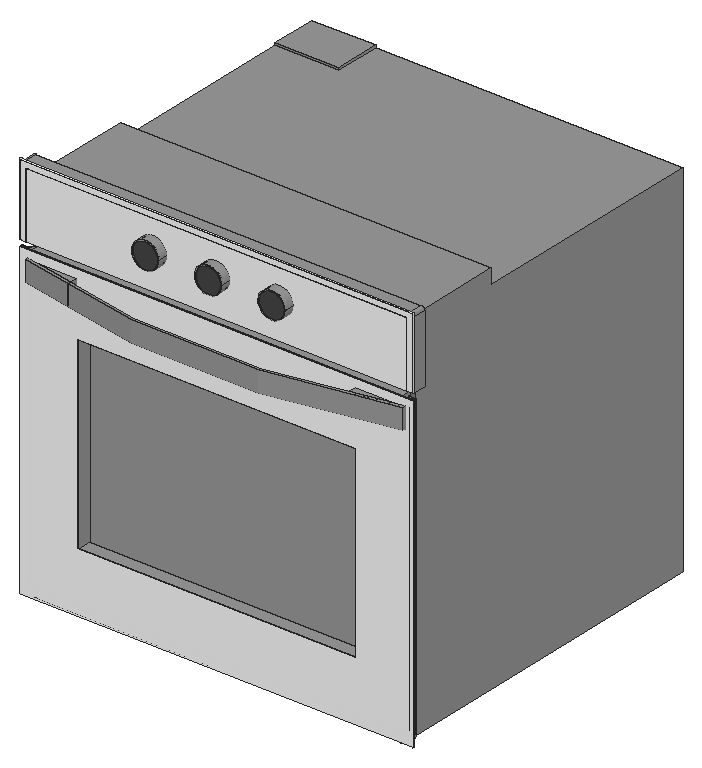
Revit family "HBB 510 B", category Specialty Equipment, Revit 2017
Family settings
  Round Connector Dimension = Use Diameter
  Part Type = Normal
  Work Plane-Based = No
  Always vertical = Yes
  Cut with Voids When Loaded = No
  Shared = No
  Room Calculation Point = No
Parameters (values of type "HBB 510 Blanco")
  URL = "www.teka.cl"
  Perilla Negro = Teka_Perilla Negro
  Perilla Aluminio = Teka_Acero Inox
  Panel Vidrio = Teka_Panel Vidrio Blanco
  Paneles = Teka_Panel Blanco
  Model = "HBB 510 WH"
  Manufacturer = "Teka"
  Letras Negras = Teka_Panel Negro
  Panel Menu = Teka_Panel Interior
  Logo Teka = Teka_Logo Blanco
  Letras = Teka_Logo Negro
  Interior Negro = Teka_Interior Negro
  Description = "Horno eléctrico estático empotrable para muebles de cocina"
  Ca_Web del Representante = "www.teka.cl"
  Ca_Web del Fabricante = "www.teka.com"
  Ca_Usos = "Horno eléctrico estático empotrable para muebles de cocina"
  Ca_Teléfono = "99821 1017"
  Ca_Representante = "Teka"
  Ca_Profundidad = 559.00 mm
  Ca_Producto = "Horno HBB 510 WH"
  Ca_Peso = "28 kg"
  Ca_País de Fabricación = "España"
  Ca_Medidas de embalaje = "650 x 635 x 655 mm"
  Ca_Material Principal = "Acero Esmaltado+Cristal Templado"
  Ca_Masterformat = "11 30 13.13"
  Ca_Itemizado CDT = "E 08 06 02"
  Ca_Instalación = "Empotrado"
  Ca_Fabricante = "Teka"
  Ca_Especificaciones Técnicas = "Horno eléctrico multifunción empotrable para muebles de cocina modelo HBB 510 WH"
  Ca_Código del Producto = "41560031"
  Ca_Código EAN = "8421152148921"
  Ca_Código Catálogo Arquitectura = "465_TEK_012"
  Ca_Creado por = "Catálogo Arquitectura"
  Ca_Contacto = "Khorzella@teka.cl"
  Ca_Clase de Eficiencia Energética = "A"
  Ca_Certificaciones = "Certificación SEC"
  Ca_Capacidad en Litros = 76
  Ca_Ancho = 595.00 mm
  Ca_Alto = 595.00 mm
  Ca_6_Parrilla reforzada de asados-cromada = 1
  Ca_6_Bandeja modular con tapa de cristal = no
  Ca_6_Bandeja de asados profunda 50mm = 1
  Ca_6_Bandeja Pastelera = no
  Ca_6_Asador rotativo = no
  Ca_6_Asa para extracción de bandejas = no
  Ca_5_Esmalte Hydroclean™ = yes
  Ca_5_Esmalte Crystal Clean = no
  Ca_5_Acero Inox Anti-huella = no
  Ca_4_Termostato de seguridad = yes
  Ca_4_Protector del grill = yes
  Ca_4_Desconexión automática en puerta = no
  Ca_4_Cristal Puerta = 2
  Ca_4_Bloqueo de seguridad del panel = no
  Ca_4_Anti-vuelco de parrillas = yes
  Ca_3_Ventilación Tangencial con optimización de salida = yes
  Ca_3_Sistema de guías extraibles = "-"
  Ca_3_Salida de vahos integrada = "Bóveda"
  Ca_3_Programador - Temporizador de Paro = yes
  Ca_3_N° de Funciones de cocinado = "3"
  Ca_3_Mandos Pop Up = no
  Ca_3_Guías laterales cromadas = yes
  Ca_3_Display Digital = no
  Ca_2_Turbo Multifunción = ""
  Ca_2_Resistencia superior + inferior = 2550 W
  Ca_2_Resistencia Turbo = 0 W
  Ca_2_Resistencia Inferior = 1150 W
  Ca_2_Resistencia Grill: Normal/Maxi-Grill = "1400/-"
  Ca_2_Motor Refrigeración = 18 W
  Ca_2_Iluminación Interior = "1 x 25W"
  Ca_1_Potencia nominal max. W. = "2593"
  Ca_1_Cable de conexión = 100.00 mm
  Borde Aluminio = Teka_Panel Blanco
  Acabado Horno = Teka_Acero Inox
Reference planes
  plane 1 "Centro (Frontal/Posterior)": y = 0
  plane 2: z = 0
  plane 3 "Centro (Izquierda/Derecha)": x = 0
Forms (mm)
  Extrusion 1, solid, material "Teka_Panel Blanco" <- "Borde Aluminio"
    sketch origin (0, 0, 0) x (1, 0, 0) y (0, 0, -1)
      loop
        line (-287, -584.5) -> (287, -584.5) -> (287, -485) -> (-287, -485) -> (-287, -584.5)
    from 0 to 1
  Sweep 2, solid, material "Teka_Panel Blanco" <- "Borde Aluminio"
    path origin (0, 0, 0) x (1, 0, 0) y (0, 0, -1)
      loop
        line (-297.5, -485) -> (-297.5, -595) -> (297.5, -595) -> (297.5, -485)
    profile origin (-297.5, 0, 540) x (1, 0, 0) y (0, 1, 0)
      loop
        arc (1.289, 2) -> (0.011, 0.722) -> (1.289, -0.556) r 1.278
        line (1.289, -0.556) -> (10, -0.556)
        arc (10, -0.556) -> (10.354, -0.41) -> (10.5, -0.056) r 0.5
        line (10.5, -0.056) -> (10.5, 1)
        arc (10.5, 1) -> (10.207, 1.707) -> (9.5, 2) r 1
        line (9.5, 2) -> (1.289, 2)
  Extrusion 3, solid, material "Teka_Panel Vidrio Blanco" <- "Panel Vidrio"
    sketch origin (917.721, 0, 4005.545) x (1, 0, 0) y (0, 0, -1)
      loop
        line (-1127.72, 3624.828) -> (-707.72, 3624.828) -> (-707.72, 3908) -> (-1127.72, 3908) -> (-1127.72, 3624.828)
    from 0 to 0.8
  Extrusion 4, solid, material "Teka_Panel Blanco" <- "Paneles"
    sketch origin (917.721, 0.8, 4005.545) x (1, 0, 0) y (0, 0, -1)
      loop
        arc (-621.72, 3529.328) -> (-620.659, 3529.768) -> (-620.22, 3530.828) r 1.5
        line (-620.22, 3530.828) -> (-620.22, 3998.5)
        arc (-620.22, 3998.5) -> (-620.659, 3999.561) -> (-621.72, 4000) r 1.5
        line (-621.72, 4000) -> (-1213.72, 4000)
        arc (-1213.72, 4000) -> (-1214.78, 3999.561) -> (-1215.22, 3998.5) r 1.5
        line (-1215.22, 3998.5) -> (-1215.22, 3530.828)
        arc (-1215.22, 3530.828) -> (-1214.78, 3529.768) -> (-1213.72, 3529.328) r 1.5
        line (-1213.72, 3529.328) -> (-621.72, 3529.328)
      loop
        line (-707.72, 3624.828) -> (-707.72, 3908) -> (-1127.72, 3908) -> (-1127.72, 3624.828) -> (-707.72, 3624.828)
    from -0.8 to 0.8
  Extrusion 5, solid, material "Teka_Panel Interior" <- "Panel Menu"
    sketch origin (-917.718, 514, 4005.545) x (1, 0, 0) y (0, 0, -1)
      loop
        line (707.72, 3908) -> (707.72, 3624.828) -> (1127.72, 3624.828) -> (1127.72, 3908) -> (707.72, 3908)
    from -0.8 to -22
  Extrusion 6, void
    sketch origin (297.502, 22, 5.545) x (1, 0, 0) y (0, 0, -1)
      loop
        line (-87.5, -470.672) -> (-139.5, -470.672) -> (-139.5, -480.672) -> (-87.5, -480.672) -> (-87.5, -470.672)
      loop
        line (-507.5, -470.672) -> (-507.5, -480.672) -> (-455.5, -480.672) -> (-455.5, -470.672) -> (-507.5, -470.672)
      loop
        line (-298, -470.672) -> (-349.5, -470.672) -> (-349.5, -480.672) -> (-298, -480.672) -> (-298, -470.672)
      loop
        line (-297, -480.672) -> (-245.5, -480.672) -> (-245.5, -470.672) -> (-297, -470.672) -> (-297, -480.672)
      loop
        line (-244.5, -480.672) -> (-193, -480.672) -> (-193, -470.672) -> (-244.5, -470.672) -> (-244.5, -480.672)
      loop
        line (-192, -480.672) -> (-140.5, -480.672) -> (-140.5, -470.672) -> (-192, -470.672) -> (-192, -480.672)
      loop
        line (-350.5, -470.672) -> (-402, -470.672) -> (-402, -480.672) -> (-350.5, -480.672) -> (-350.5, -470.672)
      loop
        line (-403, -470.672) -> (-454.5, -470.672) -> (-454.5, -480.672) -> (-403, -480.672) -> (-403, -470.672)
    from 0 to 15
  Extrusion 7, solid, material "Teka_Acero Inox" <- "Acabado Horno"
    sketch origin (287.002, -1254.5, 869.953) x (0, 0, 1) y (0, 1, 0)
      loop
        line (-317.408, 1784) -> (-864.408, 1784) -> (-864.408, 1276.5) -> (-294.408, 1276.5) -> (-294.408, 1422.5) -> (-317.408, 1422.5) -> (-317.408, 1784)
    from 7 to 567
  Extrusion 8, solid, material "Teka_Perilla Negro" <- "Perilla Negro"
    sketch origin (917.953, 0, 4007.815) x (-1, 0, 0) y (0, 0, -1)
      loop
        circle (822.284, 3466.446) r 19.4
      loop
        circle (1013.389, 3466.446) r 19.4
      loop
        circle (917.953, 3466.446) r 19.4
    from 0 to 16
  Extrusion 9, solid, material "Teka_Acero Inox" <- "Perilla Aluminio"
    sketch origin (917.953, 0, 4004.328) x (-1, 0, 0) y (0, 0, -1)
      loop
        circle (822.284, 3462.96) r 20.7
      loop
        circle (822.284, 3462.96) r 19.4
      loop
        circle (917.953, 3462.96) r 20.7
      loop
        circle (917.953, 3462.96) r 19.4
      loop
        circle (1013.389, 3462.96) r 20.7
      loop
        circle (1013.389, 3462.96) r 19.4
    from 1 to 16
  Extrusion 10, solid, material "Teka_Acero Inox"
    sketch origin (-285.198, 1, 432.816) x (0, -1, 0) y (-1, 0, 0)
      loop
        line (1, -570.4) -> (6, -570.4)
        arc (6, -570.4) -> (46, -285.2) -> (6, 0) r 1036.738
        line (6, 0) -> (1, 0)
        arc (1, 0) -> (41, -285.2) -> (1, -570.4) r 1036.738
    from 0 to -31.9
  Extrusion 11, solid, material "Teka_Interior Negro" <- "Interior Negro"
    sketch origin (-285.198, 0, 432.816) x (0, -1, 0) y (-1, 0, 0)
      loop
        line (1, -495.2) -> (1, -566.882)
        arc (1, -566.882) -> (10.392, -531.197) -> (18.509, -495.2) r 1036.738
        line (18.509, -495.2) -> (1, -495.2)
      loop
        line (1, -75.2) -> (18.509, -75.2)
        arc (18.509, -75.2) -> (10.392, -39.203) -> (1, -3.518) r 1036.738
        line (1, -3.518) -> (1, -75.2)
    from -1 to -30.9
  Extrusion 12, solid, material "Teka_Acero Inox" <- "Acabado Horno"
    sketch origin (287.002, 529.5, 5.545) x (0, 0, 1) y (1, 0, 0)
      loop
        line (500, -394.5) -> (500, -179.5)
        arc (500, -179.5) -> (470.711, -108.789) -> (400, -79.5) r 100
        line (400, -79.5) -> (190, -79.5)
        arc (190, -79.5) -> (119.289, -108.789) -> (90, -179.5) r 100
        line (90, -179.5) -> (90, -394.5)
        arc (90, -394.5) -> (119.289, -465.211) -> (190, -494.5) r 100
        line (190, -494.5) -> (400, -494.5)
        arc (400, -494.5) -> (470.711, -465.211) -> (500, -394.5) r 100
    from 0 to 29.5
  Sweep 13, void
    path origin (287.002, 529.5, 5.545) x (0, 0, 1) y (1, 0, 0)
      loop
        arc (500, -179.5) -> (470.711, -108.789) -> (400, -79.5) r 100
        line (400, -79.5) -> (190, -79.5)
        arc (190, -79.5) -> (119.289, -108.789) -> (90, -179.5) r 100
        line (90, -179.5) -> (90, -394.5)
        arc (90, -394.5) -> (119.289, -465.211) -> (190, -494.5) r 100
        line (190, -494.5) -> (400, -494.5)
        arc (400, -494.5) -> (470.711, -465.211) -> (500, -394.5) r 100
        line (500, -394.5) -> (500, -179.5)
    profile origin (0.002, 529.5, 505.545) x (0, 0, 1) y (0, 1, 0)
      loop
        arc (-70, 29.5) -> (-31.893, 22.121) -> (0, 0) r 94.167
        line (0, 0) -> (0, 29.5) -> (-70, 29.5)
  Extrusion 14, solid, material "Teka_Interior Negro" <- "Interior Negro"
    sketch origin (917.721, 1.6, 4005.545) x (1, 0, 0) y (0, 0, -1)
      loop
        line (-707.72, 3624.828) -> (-707.72, 3908) -> (-1127.72, 3908) -> (-1127.72, 3624.828) -> (-707.72, 3624.828)
      loop
        line (-637.72, 3529.328) -> (-637.72, 3981)
        arc (-637.72, 3981) -> (-638.159, 3982.061) -> (-639.22, 3982.5) r 1.5
        line (-639.22, 3982.5) -> (-1196.22, 3982.5)
        arc (-1196.22, 3982.5) -> (-1197.28, 3982.061) -> (-1197.72, 3981) r 1.5
        line (-1197.72, 3981) -> (-1197.72, 3529.328) -> (-637.72, 3529.328)
    from 0 to 20.4
  Sweep 15, solid, material "Teka_Interior Negro" <- "Interior Negro"
    path origin (917.721, 22, 4005.545) x (1, 0, 0) y (0, 0, -1)
      loop
        line (-1197.72, 3529.328) -> (-1197.72, 3981)
        arc (-1197.72, 3981) -> (-1197.28, 3982.061) -> (-1196.22, 3982.5) r 1.5
        line (-1196.22, 3982.5) -> (-639.22, 3982.5)
        arc (-639.22, 3982.5) -> (-638.159, 3982.061) -> (-637.72, 3981) r 1.5
        line (-637.72, 3981) -> (-637.72, 3529.328)
    profile origin (280.002, 22, 250.38) x (1, 0, 0) y (0, 1, 0)
      loop
        line (0, 0) -> (6.265, -16.506)
        arc (6.265, -16.506) -> (7.366, -17.911) -> (9.07, -18.442) r 3
        line (9.07, -18.442) -> (17.1, -18.442)
        arc (17.1, -18.442) -> (17.5, -18.042) -> (17.1, -17.642) r 0.4
        line (17.1, -17.642) -> (9.07, -17.642)
        arc (9.07, -17.642) -> (7.821, -17.252) -> (7.013, -16.222) r 2.2
        line (7.013, -16.222) -> (0.856, 0) -> (0, 0)
  Extrusion 16, solid, material "Teka_Interior Negro" <- "Interior Negro"
    sketch origin (0, 0, 0) x (1, 0, 0) y (0, 0, -1)
      loop
        line (-295.7, -485) -> (-295.7, -588.2)
        arc (-295.7, -588.2) -> (-294.236, -591.736) -> (-290.7, -593.2) r 5
        line (-290.7, -593.2) -> (290.7, -593.2)
        arc (290.7, -593.2) -> (294.236, -591.736) -> (295.7, -588.2) r 5
        line (295.7, -588.2) -> (295.7, -485) -> (-295.7, -485)
    from 2.075 to 22
  Extrusion 17, solid, material "Teka_Acero Inox" <- "Acabado Horno"
    sketch origin (-287.002, 549, 552.545) x (0, -1, 0) y (1, 0, 0)
      loop
        line (19.5, 7) -> (89.5, 7) -> (89.5, 103) -> (19.5, 103) -> (19.5, 7)
    from 0 to 3
Cuts and joins
  Extrusion 6 cuts Extrusion 7
  Extrusion 6 cuts Extrusion 16
  Sweep 13 cuts Extrusion 12
Lines and regions (mm)
  Split face 1
    outline origin (917.953, -16, 4004.328) x (-1, 0, 0) y (0, 0, -1)
      loop
        circle (822.284, 3448.583) r 1.1
  Split face 2
    outline origin (917.953, -16, 4007.815) x (-1, 0, 0) y (0, 0, -1)
      loop
        circle (1013.389, 3452.069) r 1.1
  Split face 3
    outline origin (917.953, -16, 4007.815) x (-1, 0, 0) y (0, 0, -1)
      loop
        circle (916.364, 3452.069) r 1.1
  Split face 4
    outline origin (0, 0, 0) x (1, 0, 0) y (0, 0, -1)
      loop
        circle (-95.436, -573.696) r 3.7
  Split face 5
    outline origin (0, 0, 0) x (1, 0, 0) y (0, 0, -1)
      loop
        circle (-95.436, -573.696) r 3.3
  Split face 6
    outline origin (0, 0, 0) x (1, 0, 0) y (0, 0, -1)
      loop
        line (-95.036, -575.351) -> (-95.036, -572.042) -> (-95.836, -572.042) -> (-95.836, -575.351) -> (-95.036, -575.351)
  Split face 7
    outline origin (0, 0, 0) x (1, 0, 0) y (0, 0, -1)
      loop
        circle (-95.436, -564.8) r 1.1
  Split face 8
    outline origin (0, 0, 0) x (1, 0, 0) y (0, 0, -1)
      loop
        circle (-95.436, -564.8) r 0.9
  Split face 9
    outline origin (0, 0, 0) x (1, 0, 0) y (0, 0, -1)
      loop
        line (-91.816, -510.45) -> (-99.055, -510.45) -> (-99.055, -517.061) -> (-91.816, -517.061) -> (-91.816, -510.45)
  Split face 10
    outline origin (0, 0, 0) x (1, 0, 0) y (0, 0, -1)
      loop
        line (-98.655, -510.85) -> (-98.655, -516.661) -> (-92.216, -516.661) -> (-92.216, -510.85) -> (-98.655, -510.85)
  Split face 11
    outline origin (0, 0, 0) x (1, 0, 0) y (0, 0, -1)
      loop
        line (-97.734, -515.001) -> (-97.734, -516.301) -> (-96.968, -515.658) -> (-96.202, -516.301) -> (-95.436, -515.658) -> (-94.67, -516.301) -> (-93.904, -515.658) -> (-93.137, -516.301) -> (-93.137, -515.001) -> (-97.734, -515.001)
  Split face 12
    outline origin (0, 0, 0) x (1, 0, 0) y (0, 0, -1)
      loop
        line (-93.137, -515.909) -> (-93.904, -515.266) -> (-94.67, -515.909) -> (-95.436, -515.266) -> (-96.202, -515.909) -> (-96.968, -515.266) -> (-97.734, -515.909)
  Split face 13
    outline origin (0, 0, 0) x (1, 0, 0) y (0, 0, -1)
      loop
        line (-119.743, -538.063) -> (-126.983, -538.063) -> (-126.983, -544.674) -> (-119.743, -544.674) -> (-119.743, -538.063)
  Split face 14
    outline origin (0, 0, 0) x (1, 0, 0) y (0, 0, -1)
      loop
        line (-126.583, -544.274) -> (-120.143, -544.274) -> (-120.143, -538.463) -> (-126.583, -538.463) -> (-126.583, -544.274)
  Split face 15
    outline origin (0, 0, 0) x (1, 0, 0) y (0, 0, -1)
      loop
        line (-136.85, -544.674) -> (-129.61, -544.674) -> (-129.61, -538.063) -> (-136.85, -538.063) -> (-136.85, -544.674)
  Split face 16
    outline origin (0, 0, 0) x (1, 0, 0) y (0, 0, -1)
      loop
        line (-136.45, -544.274) -> (-130.01, -544.274) -> (-130.01, -538.463) -> (-136.45, -538.463) -> (-136.45, -544.274)
  Split face 17
    outline origin (0, 0, 0) x (1, 0, 0) y (0, 0, -1)
      loop
        line (-134.601, -541.447) -> (-133.23, -543.555) -> (-131.859, -541.447)
        arc (-131.859, -541.447) -> (-133.23, -539.053) -> (-134.601, -541.447) r 1.589
  Split face 18
    outline origin (0, 0, 0) x (1, 0, 0) y (0, 0, -1)
      loop
        arc (-132.2, -541.237) -> (-133.23, -539.453) -> (-134.26, -541.237) r 1.189
        line (-134.26, -541.237) -> (-133.23, -542.821) -> (-132.2, -541.237)
  Split face 19
    outline origin (0, 0, 0) x (1, 0, 0) y (0, 0, -1)
      loop
        line (-125.661, -539.731) -> (-121.065, -539.731) -> (-121.065, -538.531) -> (-125.661, -538.531) -> (-125.661, -539.731)
  Split face 20
    outline origin (0, 0, 0) x (1, 0, 0) y (0, 0, -1)
      loop
        line (-125.661, -539.331) -> (-121.065, -539.331)
      loop
        line (-125.661, -538.931) -> (-121.065, -538.931)
  Split face 21
    outline origin (0, 0, 0) x (1, 0, 0) y (0, 0, -1)
      loop
        line (-63.888, -538.063) -> (-71.128, -538.063) -> (-71.128, -544.674) -> (-63.888, -544.674) -> (-63.888, -538.063)
  Split face 22
    outline origin (0, 0, 0) x (1, 0, 0) y (0, 0, -1)
      loop
        line (-70.728, -538.463) -> (-70.728, -544.274) -> (-64.288, -544.274) -> (-64.288, -538.463) -> (-70.728, -538.463)
  Split face 23
    outline origin (0, 0, 0) x (1, 0, 0) y (0, 0, -1)
      loop
        line (-69.806, -539.731) -> (-65.21, -539.731) -> (-65.21, -538.531) -> (-69.806, -538.531) -> (-69.806, -539.731)
  Split face 24
    outline origin (0, 0, 0) x (1, 0, 0) y (0, 0, -1)
      loop
        line (-69.806, -539.331) -> (-65.21, -539.331)
      loop
        line (-69.806, -538.931) -> (-65.21, -538.931)
  Split face 25
    outline origin (0, 0, 0) x (1, 0, 0) y (0, 0, -1)
      loop
        line (-69.806, -542.614) -> (-69.806, -543.914) -> (-69.04, -543.271) -> (-68.274, -543.914) -> (-67.508, -543.271) -> (-66.742, -543.914) -> (-65.976, -543.271) -> (-65.21, -543.914) -> (-65.21, -542.614) -> (-69.806, -542.614)
  Split face 26
    outline origin (0, 0, 0) x (1, 0, 0) y (0, 0, -1)
      loop
        line (-65.21, -543.522) -> (-65.976, -542.879) -> (-66.742, -543.522) -> (-67.508, -542.879) -> (-68.274, -543.522) -> (-69.04, -542.879) -> (-69.806, -543.522)
  Split face 27
    outline origin (0, 0, 0) x (1, 0, 0) y (0, 0, -1)
      loop
        circle (0, -572.964) r 3.3
  Split face 28
    outline origin (0, 0, 0) x (1, 0, 0) y (0, 0, -1)
      loop
        circle (0, -572.964) r 3.7
  Split face 29
    outline origin (0, 0, 0) x (1, 0, 0) y (0, 0, -1)
      loop
        line (-1, -576.565) -> (-1, -578.464) -> (1, -578.464) -> (1, -576.565)
        arc (1, -576.565) -> (0, -576.728) -> (-1, -576.565) r 3.163
  Split face 30
    outline origin (0, 0, 0) x (1, 0, 0) y (0, 0, -1)
      loop
        line (1, -578.077) -> (-1, -578.077)
  Split face 31
    outline origin (0, 0, 0) x (1, 0, 0) y (0, 0, -1)
      loop
        line (-1, -577.798) -> (1, -577.798)
  Split face 32
    outline origin (0, 0, 0) x (1, 0, 0) y (0, 0, -1)
      loop
        line (-19.535, -559.293) -> (-19.535, -561.085)
        arc (-19.535, -561.085) -> (-18.985, -561.635) -> (-18.435, -561.085) r 0.55
        line (-18.435, -561.085) -> (-18.435, -564.115)
        arc (-18.435, -564.115) -> (-17.885, -564.665) -> (-17.335, -564.115) r 0.55
        line (-17.335, -564.115) -> (-17.335, -561.633)
        arc (-17.335, -561.633) -> (-16.785, -562.183) -> (-16.235, -561.633) r 0.55
        arc (-16.235, -561.633) -> (-15.685, -562.183) -> (-15.135, -561.633) r 0.55
        arc (-15.135, -561.633) -> (-14.585, -562.183) -> (-14.035, -561.633) r 0.55
        line (-14.035, -561.633) -> (-14.035, -559.545)
        arc (-14.035, -559.545) -> (-16.672, -556.948) -> (-19.535, -559.293) r 2.769
  Split face 33
    outline origin (0, 0, 0) x (1, 0, 0) y (0, 0, -1)
      loop
        circle (0, -564.8) r 1.1
  Split face 34
    outline origin (0, 0, 0) x (1, 0, 0) y (0, 0, -1)
      loop
        line (6.778, -565.712) -> (8.494, -565.168) -> (8.116, -563.976) -> (6.4, -564.521) -> (6.778, -565.712)
  Split face 35
    outline origin (0, 0, 0) x (1, 0, 0) y (0, 0, -1)
      loop
        line (7.353, -564.218) -> (7.731, -565.41)
      loop
        line (7.163, -564.279) -> (7.541, -565.47)
  Split face 36
    outline origin (0, 0, 0) x (1, 0, 0) y (0, 0, -1)
      loop
        line (11.535, -563.887) -> (13.106, -563.009) -> (12.496, -561.883) -> (10.925, -562.761) -> (11.535, -563.887)
  Split face 37
    outline origin (0, 0, 0) x (1, 0, 0) y (0, 0, -1)
      loop
        line (11.798, -562.273) -> (12.408, -563.399)
      loop
        line (11.623, -562.371) -> (12.233, -563.497)
  Split face 38
    outline origin (0, 0, 0) x (1, 0, 0) y (0, 0, -1)
      loop
        line (16.637, -562.02) -> (17.999, -560.844) -> (16.366, -558.951) -> (15.003, -560.127) -> (16.637, -562.02)
  Split face 39
    outline origin (0, 0, 0) x (1, 0, 0) y (0, 0, -1)
      loop
        line (17.242, -561.497) -> (15.609, -559.604)
      loop
        line (17.394, -561.366) -> (15.76, -559.474)
  Split face 40
    outline origin (0, 0, 0) x (1, 0, 0) y (0, 0, -1)
      loop
        line (19.459, -557.49) -> (20.557, -556.064) -> (19.567, -555.301) -> (18.469, -556.727) -> (19.459, -557.49)
  Split face 41
    outline origin (0, 0, 0) x (1, 0, 0) y (0, 0, -1)
      loop
        line (19.947, -556.856) -> (18.957, -556.093)
      loop
        line (20.069, -556.698) -> (19.079, -555.935)
  Split face 42
    outline origin (0, 0, 0) x (1, 0, 0) y (0, 0, -1)
      loop
        line (22.303, -553.248) -> (23.092, -551.63) -> (21.969, -551.082) -> (21.18, -552.7) -> (22.303, -553.248)
  Split face 43
    outline origin (0, 0, 0) x (1, 0, 0) y (0, 0, -1)
      loop
        line (22.654, -552.529) -> (21.53, -551.981)
      loop
        line (22.742, -552.349) -> (21.618, -551.801)
  Split face 44
    outline origin (0, 0, 0) x (1, 0, 0) y (0, 0, -1)
      loop
        line (25.447, -548.831) -> (25.895, -547.088) -> (23.473, -546.466) -> (23.026, -548.21) -> (25.447, -548.831)
  Split face 45
    outline origin (0, 0, 0) x (1, 0, 0) y (0, 0, -1)
      loop
        line (23.274, -547.241) -> (25.696, -547.863)
      loop
        line (23.225, -547.435) -> (25.646, -548.057)
  Split face 46
    outline origin (0, 0, 0) x (1, 0, 0) y (0, 0, -1)
      loop
        line (29.488, -550.08) -> (29.488, -547.48) -> (28.288, -547.48) -> (28.288, -550.08) -> (29.488, -550.08)
  Split face 47
    outline origin (0, 0, 0) x (1, 0, 0) y (0, 0, -1)
      loop
        line (28.288, -549.78) -> (29.188, -549.78) -> (29.188, -547.78) -> (28.288, -547.78)
  Split face 48
    outline origin (0, 0, 0) x (1, 0, 0) y (0, 0, -1)
      loop
        line (31.462, -549.48) -> (31.462, -548.08)
        arc (31.462, -548.08) -> (30.862, -547.48) -> (30.262, -548.08) r 0.6
        line (30.262, -548.08) -> (30.262, -549.48)
        arc (30.262, -549.48) -> (30.862, -550.08) -> (31.462, -549.48) r 0.6
  Split face 49
    outline origin (0, 0, 0) x (1, 0, 0) y (0, 0, -1)
      loop
        line (30.562, -548.08) -> (30.562, -549.48)
        arc (30.562, -549.48) -> (30.862, -549.78) -> (31.162, -549.48) r 0.3
        line (31.162, -549.48) -> (31.162, -548.08)
        arc (31.162, -548.08) -> (30.862, -547.78) -> (30.562, -548.08) r 0.3
  Split face 50
    outline origin (0, 0, 0) x (1, 0, 0) y (0, 0, -1)
      loop
        line (24.019, -541.642) -> (23.931, -543.44) -> (25.179, -543.501) -> (25.267, -541.703) -> (24.019, -541.642)
  Split face 51
    outline origin (0, 0, 0) x (1, 0, 0) y (0, 0, -1)
      loop
        line (25.219, -542.702) -> (23.97, -542.641)
      loop
        line (23.98, -542.441) -> (25.228, -542.502)
  Split face 52
    outline origin (0, 0, 0) x (1, 0, 0) y (0, 0, -1)
      loop
        line (28.288, -548.937) -> (29.188, -548.937)
      loop
        line (29.188, -548.638) -> (28.288, -548.638)
  Split face 53
    outline origin (0, 0, 0) x (1, 0, 0) y (0, 0, -1)
      loop
        line (17.706, -562.986) -> (17.706, -565.586) -> (18.906, -565.586) -> (18.906, -562.986) -> (17.706, -562.986)
  Split face 54
    outline origin (0, 0, 0) x (1, 0, 0) y (0, 0, -1)
      loop
        line (18.506, -562.986) -> (18.506, -564.786) -> (17.706, -564.786) -> (18.506, -565.586)
  Split face 55
    outline origin (0, 0, 0) x (1, 0, 0) y (0, 0, -1)
      loop
        line (21.159, -565.586) -> (21.159, -564.486) -> (21.159, -562.986) -> (19.959, -562.986) -> (19.959, -565.586) -> (21.159, -565.586)
  Split face 56
    outline origin (0, 0, 0) x (1, 0, 0) y (0, 0, -1)
      loop
        line (21.159, -564.486) -> (20.259, -564.486) -> (20.259, -565.286) -> (21.159, -565.286)
  Split face 57
    outline origin (0, 0, 0) x (1, 0, 0) y (0, 0, -1)
      loop
        line (19.959, -563.286) -> (20.859, -563.286) -> (20.859, -564.186) -> (19.959, -564.186)
  Split face 58
    outline origin (0, 0, 0) x (1, 0, 0) y (0, 0, -1)
      loop
        line (25.094, -538.394) -> (24.819, -536.616) -> (23.583, -536.807) -> (23.859, -538.586) -> (25.094, -538.394)
  Split face 59
    outline origin (0, 0, 0) x (1, 0, 0) y (0, 0, -1)
      loop
        line (23.736, -537.795) -> (24.972, -537.604)
      loop
        line (23.706, -537.597) -> (24.941, -537.406)
  Split face 60
    outline origin (0, 0, 0) x (1, 0, 0) y (0, 0, -1)
      loop
        line (25.155, -532.974) -> (24.528, -531.287) -> (22.184, -532.158) -> (22.812, -533.845) -> (25.155, -532.974)
  Split face 61
    outline origin (0, 0, 0) x (1, 0, 0) y (0, 0, -1)
      loop
        line (22.533, -533.095) -> (24.876, -532.224)
      loop
        line (22.463, -532.908) -> (24.806, -532.036)
  Split face 62
    outline origin (0, 0, 0) x (1, 0, 0) y (0, 0, -1)
      loop
        line (27.748, -529.393) -> (27.748, -531.993) -> (29.148, -531.993) -> (29.148, -529.393) -> (27.748, -529.393)
  Split face 63
    outline origin (0, 0, 0) x (1, 0, 0) y (0, 0, -1)
      loop
        line (28.848, -531.993) -> (28.848, -530.993) -> (28.048, -530.993) -> (28.048, -531.993)
  Split face 64
    outline origin (0, 0, 0) x (1, 0, 0) y (0, 0, -1)
      loop
        line (27.748, -530.693) -> (28.848, -530.693) -> (28.848, -529.393)
  Split face 65
    outline origin (0, 0, 0) x (1, 0, 0) y (0, 0, -1)
      loop
        line (30.971, -531.993) -> (30.971, -530.893) -> (30.971, -529.393) -> (29.771, -529.393) -> (29.771, -531.993) -> (30.971, -531.993)
  Split face 66
    outline origin (0, 0, 0) x (1, 0, 0) y (0, 0, -1)
      loop
        line (30.971, -530.893) -> (30.071, -530.893) -> (30.071, -531.693) -> (30.971, -531.693)
  Split face 67
    outline origin (0, 0, 0) x (1, 0, 0) y (0, 0, -1)
      loop
        line (29.771, -529.693) -> (30.671, -529.693) -> (30.671, -530.593) -> (29.771, -530.593)
  Split face 68
    outline origin (0, 0, 0) x (1, 0, 0) y (0, 0, -1)
      loop
        line (20.939, -527.223) -> (19.879, -527.885) -> (20.833, -529.412) -> (21.893, -528.749) -> (20.939, -527.223)
  Split face 69
    outline origin (0, 0, 0) x (1, 0, 0) y (0, 0, -1)
      loop
        line (20.303, -528.564) -> (21.363, -527.901)
      loop
        line (20.409, -528.733) -> (21.469, -528.071)
  Split face 70
    outline origin (0, 0, 0) x (1, 0, 0) y (0, 0, -1)
      loop
        line (18.909, -524.605) -> (17.667, -523.301) -> (16.762, -524.163) -> (18.003, -525.467) -> (18.909, -524.605)
  Split face 71
    outline origin (0, 0, 0) x (1, 0, 0) y (0, 0, -1)
      loop
        line (18.357, -524.026) -> (17.473, -524.91)
      loop
        line (18.219, -523.881) -> (17.335, -524.765)
  Split face 72
    outline origin (0, 0, 0) x (1, 0, 0) y (0, 0, -1)
      loop
        line (15.865, -520.119) -> (14.387, -519.091) -> (12.96, -521.144) -> (14.438, -522.172) -> (15.865, -520.119)
  Split face 73
    outline origin (0, 0, 0) x (1, 0, 0) y (0, 0, -1)
      loop
        line (13.617, -521.601) -> (15.044, -519.548)
      loop
        line (13.781, -521.715) -> (15.208, -519.662)
  Split face 74
    outline origin (0, 0, 0) x (1, 0, 0) y (0, 0, -1)
      loop
        line (17.313, -517.322) -> (17.313, -514.722) -> (15.913, -514.722) -> (15.913, -517.322) -> (17.313, -517.322)
  Split face 75
    outline origin (0, 0, 0) x (1, 0, 0) y (0, 0, -1)
      loop
        line (17.313, -516.222) -> (16.213, -516.222) -> (16.213, -517.022) -> (17.313, -517.022)
  Split face 76
    outline origin (0, 0, 0) x (1, 0, 0) y (0, 0, -1)
      loop
        line (17.013, -515.922) -> (17.013, -515.022) -> (16.213, -515.022) -> (16.213, -515.922) -> (17.013, -515.922)
  Split face 77
    outline origin (0, 0, 0) x (1, 0, 0) y (0, 0, -1)
      loop
        line (19.376, -516.722) -> (19.376, -515.322)
        arc (19.376, -515.322) -> (18.776, -514.722) -> (18.176, -515.322) r 0.6
        line (18.176, -515.322) -> (18.176, -516.722)
        arc (18.176, -516.722) -> (18.776, -517.322) -> (19.376, -516.722) r 0.6
  Split face 78
    outline origin (0, 0, 0) x (1, 0, 0) y (0, 0, -1)
      loop
        line (19.076, -516.722) -> (19.076, -515.322)
        arc (19.076, -515.322) -> (18.776, -515.022) -> (18.476, -515.322) r 0.3
        line (18.476, -515.322) -> (18.476, -516.722)
        arc (18.476, -516.722) -> (18.776, -517.022) -> (19.076, -516.722) r 0.3
  Split face 79
    outline origin (0, 0, 0) x (1, 0, 0) y (0, 0, -1)
      loop
        line (10.776, -518.512) -> (9.121, -517.802) -> (8.629, -518.951) -> (10.283, -519.66) -> (10.776, -518.512)
  Split face 80
    outline origin (0, 0, 0) x (1, 0, 0) y (0, 0, -1)
      loop
        line (9.548, -519.345) -> (10.04, -518.196)
      loop
        line (9.364, -519.267) -> (9.857, -518.118)
  Split face 81
    outline origin (0, 0, 0) x (1, 0, 0) y (0, 0, -1)
      loop
        line (5.96, -516.812) -> (4.196, -516.45) -> (3.945, -517.674) -> (5.708, -518.036) -> (5.96, -516.812)
  Split face 82
    outline origin (0, 0, 0) x (1, 0, 0) y (0, 0, -1)
      loop
        line (4.729, -517.835) -> (4.98, -516.611)
      loop
        line (4.925, -517.875) -> (5.176, -516.651)
  Split face 83
    outline origin (0, 0, 0) x (1, 0, 0) y (0, 0, -1)
      loop
        line (0.9, -514.865) -> (-0.9, -514.865) -> (-0.9, -517.365) -> (0.9, -517.365) -> (0.9, -514.865)
  Split face 84
    outline origin (0, 0, 0) x (1, 0, 0) y (0, 0, -1)
      loop
        line (0.1, -517.365) -> (0.1, -514.865)
      loop
        line (-0.1, -517.365) -> (-0.1, -514.865)
  Split face 85
    outline origin (0, 0, 0) x (1, 0, 0) y (0, 0, -1)
      loop
        line (-0.698, -513.238) -> (-0.598, -510.638) -> (-2.098, -510.638) -> (-2.098, -513.238) -> (-0.698, -513.238)
  Split face 86
    outline origin (0, 0, 0) x (1, 0, 0) y (0, 0, -1)
      loop
        line (-2.098, -512.938) -> (-1.098, -512.938) -> (-1.714, -510.638)
      loop
        line (-1.398, -510.638) -> (-0.698, -513.238)
  Split face 87
    outline origin (0, 0, 0) x (1, 0, 0) y (0, 0, -1)
      loop
        line (1.289, -513.238) -> (1.289, -512.138) -> (1.289, -510.638) -> (0.089, -510.638) -> (0.089, -513.238) -> (1.289, -513.238)
  Split face 88
    outline origin (0, 0, 0) x (1, 0, 0) y (0, 0, -1)
      loop
        line (1.289, -512.138) -> (0.389, -512.138) -> (0.389, -512.938) -> (1.289, -512.938)
  Split face 89
    outline origin (0, 0, 0) x (1, 0, 0) y (0, 0, -1)
      loop
        line (0.089, -510.938) -> (0.989, -510.938) -> (0.989, -511.838) -> (0.089, -511.838)
  Split face 90
    outline origin (0, 0, 0) x (1, 0, 0) y (0, 0, -1)
      loop
        line (-4.414, -516.48) -> (-6.175, -516.854) -> (-5.871, -518.077) -> (-4.11, -517.702) -> (-4.414, -516.48)
  Split face 91
    outline origin (0, 0, 0) x (1, 0, 0) y (0, 0, -1)
      loop
        line (-4.893, -517.869) -> (-5.197, -516.646)
      loop
        line (-5.088, -517.91) -> (-5.393, -516.688)
  Split face 92
    outline origin (0, 0, 0) x (1, 0, 0) y (0, 0, -1)
      loop
        line (-9.286, -517.867) -> (-10.935, -518.587) -> (-10.435, -519.733) -> (-8.785, -519.012) -> (-9.286, -517.867)
  Split face 93
    outline origin (0, 0, 0) x (1, 0, 0) y (0, 0, -1)
      loop
        line (-9.518, -519.332) -> (-10.019, -518.187)
      loop
        line (-9.701, -519.413) -> (-10.202, -518.267)
  Split face 94
    outline origin (0, 0, 0) x (1, 0, 0) y (0, 0, -1)
      loop
        line (-14.542, -519.192) -> (-16.013, -520.23) -> (-14.572, -522.273) -> (-13.101, -521.235) -> (-14.542, -519.192)
  Split face 95
    outline origin (0, 0, 0) x (1, 0, 0) y (0, 0, -1)
      loop
        line (-13.755, -521.696) -> (-15.196, -519.654)
      loop
        line (-13.918, -521.812) -> (-15.359, -519.769)
  Split face 96
    outline origin (0, 0, 0) x (1, 0, 0) y (0, 0, -1)
      loop
        line (-17.04, -517.322) -> (-17.04, -514.722) -> (-18.44, -514.722) -> (-18.44, -517.322) -> (-17.04, -517.322)
  Split face 97
    outline origin (0, 0, 0) x (1, 0, 0) y (0, 0, -1)
      loop
        line (-18.14, -517.022) -> (-17.34, -517.022) -> (-17.34, -516.122) -> (-18.14, -516.122) -> (-18.14, -517.022)
  Split face 98
    outline origin (0, 0, 0) x (1, 0, 0) y (0, 0, -1)
      loop
        line (-18.44, -515.822) -> (-17.34, -515.822) -> (-17.34, -515.022) -> (-18.44, -515.022)
  Split face 99
    outline origin (0, 0, 0) x (1, 0, 0) y (0, 0, -1)
      loop
        arc (-16.413, -516.722) -> (-15.813, -517.322) -> (-15.213, -516.722) r 0.6
        line (-15.213, -516.722) -> (-15.213, -515.322)
        arc (-15.213, -515.322) -> (-15.813, -514.722) -> (-16.413, -515.322) r 0.6
        line (-16.413, -515.322) -> (-16.413, -516.722)
  Split face 100
    outline origin (0, 0, 0) x (1, 0, 0) y (0, 0, -1)
      loop
        arc (-15.513, -515.322) -> (-15.813, -515.022) -> (-16.113, -515.322) r 0.3
        line (-16.113, -515.322) -> (-16.113, -516.722)
        arc (-16.113, -516.722) -> (-15.813, -517.022) -> (-15.513, -516.722) r 0.3
        line (-15.513, -516.722) -> (-15.513, -515.322)
  Split face 101
    outline origin (0, 0, 0) x (1, 0, 0) y (0, 0, -1)
      loop
        line (-17.793, -523.425) -> (-19.025, -524.737) -> (-18.114, -525.593) -> (-16.882, -524.281) -> (-17.793, -523.425)
  Split face 102
    outline origin (0, 0, 0) x (1, 0, 0) y (0, 0, -1)
      loop
        line (-18.341, -524.008) -> (-17.429, -524.864)
      loop
        line (-18.478, -524.154) -> (-17.593, -525.038)
  Split face 103
    outline origin (0, 0, 0) x (1, 0, 0) y (0, 0, -1)
      loop
        line (-21.029, -527.334) -> (-21.972, -528.867) -> (-20.916, -529.558) -> (-19.973, -528.024) -> (-21.029, -527.334)
  Split face 104
    outline origin (0, 0, 0) x (1, 0, 0) y (0, 0, -1)
      loop
        line (-20.392, -528.706) -> (-21.448, -528.015)
      loop
        line (-20.497, -528.876) -> (-21.553, -528.186)
  Split face 105
    outline origin (0, 0, 0) x (1, 0, 0) y (0, 0, -1)
      loop
        line (-24.597, -531.458) -> (-25.213, -533.149) -> (-22.864, -534.005) -> (-22.248, -532.313) -> (-24.597, -531.458)
  Split face 106
    outline origin (0, 0, 0) x (1, 0, 0) y (0, 0, -1)
      loop
        line (-22.59, -533.253) -> (-24.939, -532.398)
      loop
        line (-22.522, -533.065) -> (-24.871, -532.21)
  Split face 107
    outline origin (0, 0, 0) x (1, 0, 0) y (0, 0, -1)
      loop
        line (-31.542, -529.967) -> (-31.542, -532.567) -> (-30.342, -532.567) -> (-30.342, -529.967) -> (-31.542, -529.967)
  Split face 108
    outline origin (0, 0, 0) x (1, 0, 0) y (0, 0, -1)
      loop
        line (-30.742, -529.967) -> (-30.742, -531.767) -> (-31.542, -531.767) -> (-30.742, -532.567)
  Split face 109
    outline origin (0, 0, 0) x (1, 0, 0) y (0, 0, -1)
      loop
        arc (-28.667, -530.567) -> (-29.267, -529.967) -> (-29.867, -530.567) r 0.6
        line (-29.867, -530.567) -> (-29.867, -531.967)
        arc (-29.867, -531.967) -> (-29.267, -532.567) -> (-28.667, -531.967) r 0.6
        line (-28.667, -531.967) -> (-28.667, -530.567)
  Split face 110
    outline origin (0, 0, 0) x (1, 0, 0) y (0, 0, -1)
      loop
        line (-28.967, -531.967) -> (-28.967, -530.567)
        arc (-28.967, -530.567) -> (-29.267, -530.267) -> (-29.567, -530.567) r 0.3
        line (-29.567, -530.567) -> (-29.567, -531.967)
        arc (-29.567, -531.967) -> (-29.267, -532.267) -> (-28.967, -531.967) r 0.3
  Split face 111
    outline origin (0, 0, 0) x (1, 0, 0) y (0, 0, -1)
      loop
        line (-26.952, -532.567) -> (-26.952, -531.467) -> (-26.952, -529.967) -> (-28.152, -529.967) -> (-28.152, -532.567) -> (-26.952, -532.567)
  Split face 112
    outline origin (0, 0, 0) x (1, 0, 0) y (0, 0, -1)
      loop
        line (-26.952, -531.467) -> (-27.852, -531.467) -> (-27.852, -532.267) -> (-26.952, -532.267)
  Split face 113
    outline origin (0, 0, 0) x (1, 0, 0) y (0, 0, -1)
      loop
        line (-28.152, -530.267) -> (-27.252, -530.267) -> (-27.252, -531.167) -> (-28.152, -531.167)
  Split face 114
    outline origin (0, 0, 0) x (1, 0, 0) y (0, 0, -1)
      loop
        line (-24.851, -536.789) -> (-25.114, -538.57) -> (-23.878, -538.752) -> (-23.615, -536.972) -> (-24.851, -536.789)
  Split face 115
    outline origin (0, 0, 0) x (1, 0, 0) y (0, 0, -1)
      loop
        line (-23.731, -537.763) -> (-24.968, -537.58)
      loop
        line (-23.761, -537.961) -> (-24.997, -537.778)
  Split face 116
    outline origin (0, 0, 0) x (1, 0, 0) y (0, 0, -1)
      loop
        line (-25.264, -541.88) -> (-25.164, -543.677) -> (-23.916, -543.607) -> (-24.016, -541.81) -> (-25.264, -541.88)
  Split face 117
    outline origin (0, 0, 0) x (1, 0, 0) y (0, 0, -1)
      loop
        line (-23.972, -542.609) -> (-25.22, -542.678)
      loop
        line (-23.961, -542.808) -> (-25.209, -542.878)
  Split face 118
    outline origin (0, 0, 0) x (1, 0, 0) y (0, 0, -1)
      loop
        line (-25.854, -547.269) -> (-25.394, -549.009) -> (-22.977, -548.37) -> (-23.437, -546.63) -> (-25.854, -547.269)
  Split face 119
    outline origin (0, 0, 0) x (1, 0, 0) y (0, 0, -1)
      loop
        line (-23.233, -547.403) -> (-25.65, -548.042)
      loop
        line (-23.182, -547.597) -> (-25.599, -548.235)
  Split face 120
    outline origin (0, 0, 0) x (1, 0, 0) y (0, 0, -1)
      loop
        line (-28.648, -549.626) -> (-28.648, -547.626) -> (-29.848, -547.626) -> (-28.948, -549.626) -> (-29.848, -549.626)
        arc (-29.848, -549.626) -> (-29.248, -550.226) -> (-28.648, -549.626) r 0.6
  Split face 121
    outline origin (0, 0, 0) x (1, 0, 0) y (0, 0, -1)
      loop
        line (-28.648, -547.926) -> (-29.448, -547.926) -> (-28.648, -549.626)
  Split face 122
    outline origin (0, 0, 0) x (1, 0, 0) y (0, 0, -1)
      loop
        line (-27.132, -549.626) -> (-27.132, -548.226)
        arc (-27.132, -548.226) -> (-27.732, -547.626) -> (-28.332, -548.226) r 0.6
        line (-28.332, -548.226) -> (-28.332, -549.626)
        arc (-28.332, -549.626) -> (-27.732, -550.226) -> (-27.132, -549.626) r 0.6
  Split face 123
    outline origin (0, 0, 0) x (1, 0, 0) y (0, 0, -1)
      loop
        line (-27.432, -549.626) -> (-27.432, -548.226)
        arc (-27.432, -548.226) -> (-27.732, -547.926) -> (-28.032, -548.226) r 0.3
        line (-28.032, -548.226) -> (-28.032, -549.626)
        arc (-28.032, -549.626) -> (-27.732, -549.926) -> (-27.432, -549.626) r 0.3
  Split face 124
    outline origin (0, 0, 0) x (1, 0, 0) y (0, 0, -1)
      loop
        line (-30.342, -547.626) -> (-31.542, -547.626) -> (-31.542, -550.226) -> (-30.342, -550.226) -> (-30.342, -547.626)
  Split face 125
    outline origin (0, 0, 0) x (1, 0, 0) y (0, 0, -1)
      loop
        line (-30.742, -547.626) -> (-30.742, -549.426) -> (-31.542, -549.426) -> (-30.742, -550.226)
  Split face 126
    outline origin (0, 0, 0) x (1, 0, 0) y (0, 0, -1)
      loop
        line (-19.509, -562.512) -> (-19.851, -563.452) -> (-18.911, -563.794) -> (-18.569, -562.854) -> (-19.509, -562.512)
  Split face 127
    outline origin (0, 0, 0) x (1, 0, 0) y (0, 0, -1)
      loop
        line (-19.782, -563.264) -> (-18.842, -563.606)
  Split face 128
    outline origin (0, 0, 0) x (1, 0, 0) y (0, 0, -1)
      loop
        line (-17.202, -562.854) -> (-16.86, -563.794) -> (-15.92, -563.452) -> (-16.262, -562.512) -> (-17.202, -562.854)
  Split face 129
    outline origin (0, 0, 0) x (1, 0, 0) y (0, 0, -1)
      loop
        line (-16.928, -563.606) -> (-15.989, -563.264)
  Split face 130
    outline origin (0, 0, 0) x (1, 0, 0) y (0, 0, -1)
      loop
        line (-15.818, -564.326) -> (-16.802, -564.153) -> (-16.976, -565.137) -> (-15.991, -565.311) -> (-15.818, -564.326)
  Split face 131
    outline origin (0, 0, 0) x (1, 0, 0) y (0, 0, -1)
      loop
        line (-15.852, -564.523) -> (-16.837, -564.35)
  Split face 132
    outline origin (0, 0, 0) x (1, 0, 0) y (0, 0, -1)
      loop
        line (-18.129, -565.345) -> (-17.787, -566.285) -> (-17.035, -566.011) -> (-17.377, -565.072) -> (-18.129, -565.345)
  Split face 133
    outline origin (0, 0, 0) x (1, 0, 0) y (0, 0, -1)
      loop
        line (-17.223, -566.08) -> (-17.565, -565.14)
  Split face 134
    outline origin (0, 0, 0) x (1, 0, 0) y (0, 0, -1)
      loop
        line (-18.83, -564.94) -> (-18.969, -564.153) -> (-19.953, -564.326) -> (-19.814, -565.114) -> (-18.83, -564.94)
  Split face 135
    outline origin (0, 0, 0) x (1, 0, 0) y (0, 0, -1)
      loop
        line (-18.934, -564.35) -> (-19.919, -564.523)
  Split face 136
    outline origin (0, 0, 0) x (1, 0, 0) y (0, 0, -1)
      loop
        line (-18.206, -565.14) -> (-18.958, -564.866) -> (-19.3, -565.806) -> (-18.548, -566.08) -> (-18.206, -565.14)
  Split face 137
    outline origin (0, 0, 0) x (1, 0, 0) y (0, 0, -1)
      loop
        line (-18.736, -566.011) -> (-18.394, -565.072)
  Split face 138
    outline origin (0, 0, 0) x (1, 0, 0) y (0, 0, -1)
      loop
        arc (-1.932, -564.319) -> (-5.262, -563.791) -> (-8.479, -562.782) r 23.031
        line (-8.479, -562.782) -> (-9.512, -562.782) -> (-8.803, -563.515)
        arc (-8.803, -563.515) -> (-5.46, -564.566) -> (-1.999, -565.116) r 23.831
        line (-1.999, -565.116) -> (-1.932, -564.319)
  Split face 139
    outline origin (0, 0, 0) x (1, 0, 0) y (0, 0, -1)
      loop
        line (-8.479, -562.782) -> (-8.803, -563.515)
  Split face 140
    outline origin (0, 0, 0) x (1, 0, 0) y (0, 0, -1)
      loop
        arc (-1.982, -564.917) -> (-5.41, -564.372) -> (-8.722, -563.331) r 23.631
      loop
        arc (-1.949, -564.518) -> (-5.311, -563.985) -> (-8.56, -562.965) r 23.231
  Split face 141
    outline origin (0, 0, 0) x (1, 0, 0) y (0, 0, -1)
      loop
        circle (95.669, -564.8) r 1.1
  Split face 142
    outline origin (0, 0, 0) x (1, 0, 0) y (0, 0, -1)
      loop
        line (94.969, -572.076) -> (94.969, -576.143)
        arc (94.969, -576.143) -> (95.669, -576.843) -> (96.369, -576.143) r 0.7
        line (96.369, -576.143) -> (96.369, -572.076)
        arc (96.369, -572.076) -> (95.669, -569.79) -> (94.969, -572.076) r 1.25
  Split face 143
    outline origin (0, 0, 0) x (1, 0, 0) y (0, 0, -1)
      loop
        line (96.069, -573.235) -> (96.069, -571.835)
        arc (96.069, -571.835) -> (95.669, -570.181) -> (95.269, -571.835) r 0.875
        line (95.269, -571.835) -> (95.269, -573.235) -> (96.069, -573.235)
  Split face 144
    outline origin (0, 0, 0) x (1, 0, 0) y (0, 0, -1)
      loop
        line (96.069, -573.535) -> (95.269, -573.535) -> (95.269, -576.094)
        arc (95.269, -576.094) -> (95.669, -576.494) -> (96.069, -576.094) r 0.4
        line (96.069, -576.094) -> (96.069, -573.535)
  Split face 145
    outline origin (0, 0, 0) x (1, 0, 0) y (0, 0, -1)
      loop
        line (115.998, -563.348) -> (115.998, -562.248) -> (115.998, -560.748) -> (114.798, -560.748) -> (114.798, -563.348) -> (115.998, -563.348)
  Split face 146
    outline origin (0, 0, 0) x (1, 0, 0) y (0, 0, -1)
      loop
        line (115.998, -562.248) -> (115.098, -562.248) -> (115.098, -563.048) -> (115.998, -563.048)
  Split face 147
    outline origin (0, 0, 0) x (1, 0, 0) y (0, 0, -1)
      loop
        line (114.798, -561.048) -> (115.698, -561.048) -> (115.698, -561.948) -> (114.798, -561.948)
  Split face 148
    outline origin (0, 0, 0) x (1, 0, 0) y (0, 0, -1)
      loop
        line (118.16, -562.748) -> (118.16, -561.348)
        arc (118.16, -561.348) -> (117.56, -560.748) -> (116.96, -561.348) r 0.6
        line (116.96, -561.348) -> (116.96, -562.748)
        arc (116.96, -562.748) -> (117.56, -563.348) -> (118.16, -562.748) r 0.6
  Split face 149
    outline origin (0, 0, 0) x (1, 0, 0) y (0, 0, -1)
      loop
        line (117.86, -562.748) -> (117.86, -561.348)
        arc (117.86, -561.348) -> (117.56, -561.048) -> (117.26, -561.348) r 0.3
        line (117.26, -561.348) -> (117.26, -562.748)
        arc (117.26, -562.748) -> (117.56, -563.048) -> (117.86, -562.748) r 0.3
  Split face 150
    outline origin (0, 0, 0) x (1, 0, 0) y (0, 0, -1)
      loop
        line (112.075, -559.046) -> (113.347, -557.774) -> (111.58, -556.006) -> (110.307, -557.279) -> (112.075, -559.046)
  Split face 151
    outline origin (0, 0, 0) x (1, 0, 0) y (0, 0, -1)
      loop
        line (112.64, -558.481) -> (110.873, -556.713)
      loop
        line (111.014, -556.572) -> (112.782, -558.339)
  Split face 152
    outline origin (0, 0, 0) x (1, 0, 0) y (0, 0, -1)
      loop
        line (114.688, -555.159) -> (115.689, -553.662) -> (114.13, -552.621) -> (113.129, -554.117) -> (114.688, -555.159)
  Split face 153
    outline origin (0, 0, 0) x (1, 0, 0) y (0, 0, -1)
      loop
        line (113.574, -553.452) -> (115.133, -554.494)
      loop
        line (113.685, -553.286) -> (115.244, -554.328)
  Split face 154
    outline origin (0, 0, 0) x (1, 0, 0) y (0, 0, -1)
      loop
        line (117.013, -551.184) -> (117.702, -549.521) -> (115.97, -548.803) -> (115.281, -550.466) -> (117.013, -551.184)
  Split face 155
    outline origin (0, 0, 0) x (1, 0, 0) y (0, 0, -1)
      loop
        line (115.587, -549.727) -> (117.32, -550.445)
      loop
        line (115.664, -549.542) -> (117.396, -550.26)
  Split face 156
    outline origin (0, 0, 0) x (1, 0, 0) y (0, 0, -1)
      loop
        line (118.518, -546.831) -> (118.869, -545.066) -> (117.03, -544.7) -> (116.679, -546.465) -> (118.518, -546.831)
  Split face 157
    outline origin (0, 0, 0) x (1, 0, 0) y (0, 0, -1)
      loop
        line (116.835, -545.681) -> (118.674, -546.046)
      loop
        line (116.874, -545.484) -> (118.713, -545.85)
  Split face 158
    outline origin (0, 0, 0) x (1, 0, 0) y (0, 0, -1)
      loop
        line (119.77, -542.269) -> (119.77, -540.469) -> (117.27, -540.469) -> (117.27, -542.269) -> (119.77, -542.269)
  Split face 159
    outline origin (0, 0, 0) x (1, 0, 0) y (0, 0, -1)
      loop
        line (117.27, -541.469) -> (119.77, -541.469)
      loop
        line (117.27, -541.269) -> (119.77, -541.269)
  Split face 160
    outline origin (0, 0, 0) x (1, 0, 0) y (0, 0, -1)
      loop
        line (124.905, -542.59) -> (124.905, -539.99) -> (123.505, -539.99) -> (123.505, -542.59) -> (124.905, -542.59)
  Split face 161
    outline origin (0, 0, 0) x (1, 0, 0) y (0, 0, -1)
      loop
        line (124.605, -541.39) -> (123.805, -541.39) -> (123.805, -542.29) -> (124.605, -542.29) -> (124.605, -541.39)
  Split face 162
    outline origin (0, 0, 0) x (1, 0, 0) y (0, 0, -1)
      loop
        line (123.505, -541.09) -> (124.605, -541.09) -> (124.605, -540.29) -> (123.505, -540.29)
  Split face 163
    outline origin (0, 0, 0) x (1, 0, 0) y (0, 0, -1)
      loop
        arc (125.768, -541.99) -> (126.368, -542.59) -> (126.968, -541.99) r 0.6
        line (126.968, -541.99) -> (126.968, -540.59)
        arc (126.968, -540.59) -> (126.368, -539.99) -> (125.768, -540.59) r 0.6
        line (125.768, -540.59) -> (125.768, -541.99)
  Split face 164
    outline origin (0, 0, 0) x (1, 0, 0) y (0, 0, -1)
      loop
        arc (126.068, -541.99) -> (126.368, -542.29) -> (126.668, -541.99) r 0.3
        line (126.668, -541.99) -> (126.668, -540.59)
        arc (126.668, -540.59) -> (126.368, -540.29) -> (126.068, -540.59) r 0.3
        line (126.068, -540.59) -> (126.068, -541.99)
  Split face 165
    outline origin (0, 0, 0) x (1, 0, 0) y (0, 0, -1)
      loop
        line (118.869, -537.671) -> (118.518, -535.906) -> (116.679, -536.272) -> (117.03, -538.037) -> (118.869, -537.671)
  Split face 166
    outline origin (0, 0, 0) x (1, 0, 0) y (0, 0, -1)
      loop
        line (116.874, -537.253) -> (118.713, -536.887)
      loop
        line (116.835, -537.056) -> (118.674, -536.691)
  Split face 167
    outline origin (0, 0, 0) x (1, 0, 0) y (0, 0, -1)
      loop
        line (132.115, -543.725) -> (139.355, -543.725) -> (139.355, -537.115) -> (132.115, -537.115) -> (132.115, -543.725)
  Split face 168
    outline origin (0, 0, 0) x (1, 0, 0) y (0, 0, -1)
      loop
        line (132.515, -543.325) -> (138.955, -543.325) -> (138.955, -537.515) -> (132.515, -537.515) -> (132.515, -543.325)
  Split face 169
    outline origin (0, 0, 0) x (1, 0, 0) y (0, 0, -1)
      loop
        line (134.364, -540.498) -> (135.735, -542.607) -> (137.106, -540.498)
        arc (137.106, -540.498) -> (135.735, -538.104) -> (134.364, -540.498) r 1.589
  Split face 170
    outline origin (0, 0, 0) x (1, 0, 0) y (0, 0, -1)
      loop
        line (134.705, -540.289) -> (135.735, -541.873) -> (136.765, -540.289)
        arc (136.765, -540.289) -> (135.735, -538.504) -> (134.705, -540.289) r 1.189
  Split face 171
    outline origin (0, 0, 0) x (1, 0, 0) y (0, 0, -1)
      loop
        line (117.702, -533.216) -> (117.013, -531.553) -> (115.281, -532.271) -> (115.97, -533.934) -> (117.702, -533.216)
  Split face 172
    outline origin (0, 0, 0) x (1, 0, 0) y (0, 0, -1)
      loop
        line (115.664, -533.195) -> (117.396, -532.477)
      loop
        line (115.587, -533.01) -> (117.32, -532.293)
  Split face 173
    outline origin (0, 0, 0) x (1, 0, 0) y (0, 0, -1)
      loop
        line (115.689, -529.075) -> (114.688, -527.578) -> (113.129, -528.62) -> (114.13, -530.116) -> (115.689, -529.075)
  Split face 174
    outline origin (0, 0, 0) x (1, 0, 0) y (0, 0, -1)
      loop
        line (113.685, -529.451) -> (115.244, -528.409)
      loop
        line (113.574, -529.285) -> (115.133, -528.243)
  Split face 175
    outline origin (0, 0, 0) x (1, 0, 0) y (0, 0, -1)
      loop
        line (110.307, -525.458) -> (111.58, -526.731) -> (113.347, -524.963) -> (112.075, -523.691) -> (110.307, -525.458)
  Split face 176
    outline origin (0, 0, 0) x (1, 0, 0) y (0, 0, -1)
      loop
        line (112.64, -524.256) -> (110.873, -526.024)
      loop
        line (112.782, -524.398) -> (111.014, -526.165)
  Split face 177
    outline origin (0, 0, 0) x (1, 0, 0) y (0, 0, -1)
      loop
        line (109.46, -522.35) -> (107.963, -521.349) -> (106.922, -522.908) -> (108.418, -523.909) -> (109.46, -522.35)
  Split face 178
    outline origin (0, 0, 0) x (1, 0, 0) y (0, 0, -1)
      loop
        line (107.753, -523.464) -> (108.795, -521.905)
      loop
        line (107.587, -523.353) -> (108.629, -521.794)
  Split face 179
    outline origin (0, 0, 0) x (1, 0, 0) y (0, 0, -1)
      loop
        line (113.42, -523.338) -> (114.62, -523.338) -> (114.62, -520.738) -> (113.42, -520.738) -> (113.42, -523.338)
  Split face 180
    outline origin (0, 0, 0) x (1, 0, 0) y (0, 0, -1)
      loop
        line (114.22, -520.738) -> (114.22, -522.538) -> (113.42, -522.538) -> (114.22, -523.338)
  Split face 181
    outline origin (0, 0, 0) x (1, 0, 0) y (0, 0, -1)
      loop
        line (115.599, -520.738) -> (115.599, -523.338) -> (116.799, -523.338) -> (116.799, -520.738) -> (115.599, -520.738)
  Split face 182
    outline origin (0, 0, 0) x (1, 0, 0) y (0, 0, -1)
      loop
        line (115.599, -523.038) -> (116.499, -523.038) -> (116.499, -521.038) -> (115.599, -521.038)
  Split face 183
    outline origin (0, 0, 0) x (1, 0, 0) y (0, 0, -1)
      loop
        arc (117.573, -522.738) -> (118.173, -523.338) -> (118.773, -522.738) r 0.6
        line (118.773, -522.738) -> (118.773, -521.338)
        arc (118.773, -521.338) -> (118.173, -520.738) -> (117.573, -521.338) r 0.6
        line (117.573, -521.338) -> (117.573, -522.738)
  Split face 184
    outline origin (0, 0, 0) x (1, 0, 0) y (0, 0, -1)
      loop
        arc (117.873, -522.738) -> (118.173, -523.038) -> (118.473, -522.738) r 0.3
        line (118.473, -522.738) -> (118.473, -521.338)
        arc (118.473, -521.338) -> (118.173, -521.038) -> (117.873, -521.338) r 0.3
        line (117.873, -521.338) -> (117.873, -522.738)
  Split face 185
    outline origin (0, 0, 0) x (1, 0, 0) y (0, 0, -1)
      loop
        line (105.485, -520.025) -> (103.822, -519.336) -> (103.104, -521.068) -> (104.767, -521.757) -> (105.485, -520.025)
  Split face 186
    outline origin (0, 0, 0) x (1, 0, 0) y (0, 0, -1)
      loop
        line (104.028, -521.451) -> (104.745, -519.718)
      loop
        line (103.843, -521.374) -> (104.561, -519.642)
  Split face 187
    outline origin (0, 0, 0) x (1, 0, 0) y (0, 0, -1)
      loop
        line (101.132, -518.52) -> (99.367, -518.169) -> (99.001, -520.008) -> (100.766, -520.359) -> (101.132, -518.52)
  Split face 188
    outline origin (0, 0, 0) x (1, 0, 0) y (0, 0, -1)
      loop
        line (99.785, -520.164) -> (100.151, -518.325)
      loop
        line (99.982, -520.203) -> (100.347, -518.364)
  Split face 189
    outline origin (0, 0, 0) x (1, 0, 0) y (0, 0, -1)
      loop
        line (96.569, -517.268) -> (94.769, -517.268) -> (94.769, -519.768) -> (96.569, -519.768) -> (96.569, -517.268)
  Split face 190
    outline origin (0, 0, 0) x (1, 0, 0) y (0, 0, -1)
      loop
        line (95.569, -519.768) -> (95.569, -517.268)
      loop
        line (95.769, -519.768) -> (95.769, -517.268)
  Split face 191
    outline origin (0, 0, 0) x (1, 0, 0) y (0, 0, -1)
      loop
        arc (96.75, -514.595) -> (97.35, -515.195) -> (97.95, -514.595) r 0.6
        line (97.95, -514.595) -> (97.95, -513.195)
        arc (97.95, -513.195) -> (97.35, -512.595) -> (96.75, -513.195) r 0.6
        line (96.75, -513.195) -> (96.75, -514.595)
  Split face 192
    outline origin (0, 0, 0) x (1, 0, 0) y (0, 0, -1)
      loop
        arc (97.05, -514.595) -> (97.35, -514.895) -> (97.65, -514.595) r 0.3
        line (97.65, -514.595) -> (97.65, -513.195)
        arc (97.65, -513.195) -> (97.35, -512.895) -> (97.05, -513.195) r 0.3
        line (97.05, -513.195) -> (97.05, -514.595)
  Split face 193
    outline origin (0, 0, 0) x (1, 0, 0) y (0, 0, -1)
      loop
        line (92.597, -515.195) -> (93.797, -515.195) -> (93.797, -512.595) -> (92.597, -512.595) -> (92.597, -515.195)
  Split face 194
    outline origin (0, 0, 0) x (1, 0, 0) y (0, 0, -1)
      loop
        line (93.397, -512.595) -> (93.397, -514.395) -> (92.597, -514.395) -> (93.397, -515.195)
  Split face 195
    outline origin (0, 0, 0) x (1, 0, 0) y (0, 0, -1)
      loop
        line (94.667, -512.595) -> (94.667, -515.195) -> (96.067, -515.195) -> (96.167, -512.595) -> (94.667, -512.595)
  Split face 196
    outline origin (0, 0, 0) x (1, 0, 0) y (0, 0, -1)
      loop
        line (94.667, -514.895) -> (95.667, -514.895) -> (95.05, -512.595)
      loop
        line (95.367, -512.595) -> (96.067, -515.195)
  Split face 197
    outline origin (0, 0, 0) x (1, 0, 0) y (0, 0, -1)
      loop
        line (91.972, -518.169) -> (90.207, -518.52) -> (90.573, -520.359) -> (92.338, -520.008) -> (91.972, -518.169)
  Split face 198
    outline origin (0, 0, 0) x (1, 0, 0) y (0, 0, -1)
      loop
        line (91.554, -520.164) -> (91.188, -518.325)
      loop
        line (91.357, -520.203) -> (90.992, -518.364)
  Split face 199
    outline origin (0, 0, 0) x (1, 0, 0) y (0, 0, -1)
      loop
        line (87.517, -519.336) -> (85.854, -520.025) -> (86.572, -521.757) -> (88.235, -521.068) -> (87.517, -519.336)
  Split face 200
    outline origin (0, 0, 0) x (1, 0, 0) y (0, 0, -1)
      loop
        line (87.311, -521.451) -> (86.593, -519.718)
      loop
        line (86.778, -519.642) -> (87.496, -521.374)
  Split face 201
    outline origin (0, 0, 0) x (1, 0, 0) y (0, 0, -1)
      loop
        line (83.376, -521.349) -> (81.879, -522.35) -> (82.921, -523.909) -> (84.417, -522.908) -> (83.376, -521.349)
  Split face 202
    outline origin (0, 0, 0) x (1, 0, 0) y (0, 0, -1)
      loop
        line (83.586, -523.464) -> (82.544, -521.905)
      loop
        line (83.752, -523.353) -> (82.71, -521.794)
  Split face 203
    outline origin (0, 0, 0) x (1, 0, 0) y (0, 0, -1)
      loop
        line (75.233, -520.738) -> (75.233, -523.338) -> (76.433, -523.338) -> (76.433, -520.738) -> (75.233, -520.738)
